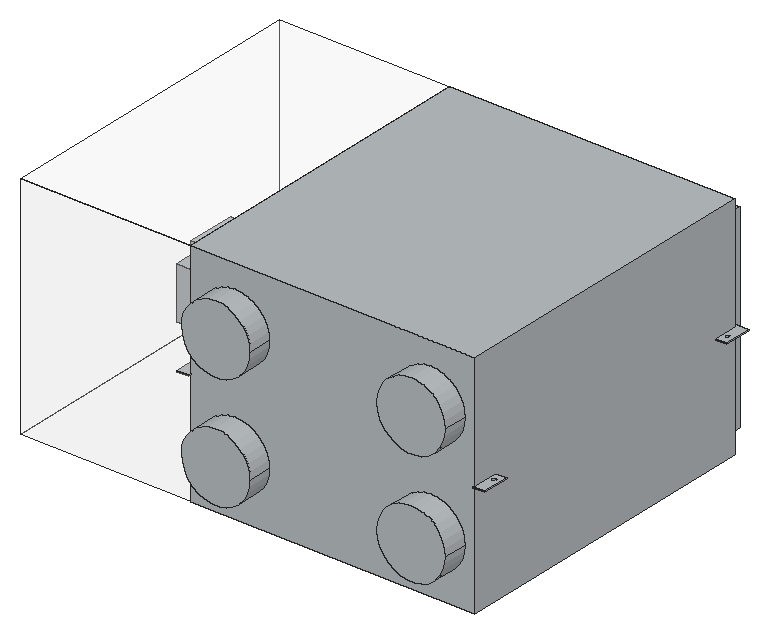
Revit family "lgh-rn150_200rxv2d_50Hz", category 機械設備, Revit 2019
Family settings
  丸型コネクタ寸法 = 直径を使用
  パーツ タイプ = 割り込み
  OmniClass 番号 = 23.75.10.34.21
  OmniClass タイトル = Heat Exchangers for Ventilation Air
  作業面ベース = いいえ
  常に垂直 = はい
  ロード時にボイドで切り取り = いいえ
  共有 = いいえ
  部屋計算ポイント = はい
Parameters (values of type "LGH-RN150RXV2D")
  騒音レベル(dB(A)) = 38.5
  風量 = MAX風量  # 1500.0 m³/h
  面風速 = 8.5 m/s
  電源種別 [instance] = "一般"
  電圧 = 200 V
  電動機出力 = 0 W
  集中コントローラ = ""
  運転質量 = 0.00 kg
  連動 [instance] = ""
  質量 = if(製品質量 > 運転質量, 製品質量, 運転質量) * 1.2  # 128.40 kg
  負荷分類 = 3_ファン類
  説明 = "業務用ロスナイ 天井埋込形 DCリプレースマイコン"
  設計風量 = 0.0 m³/h
  設置方法 = "天井吊(隠ぺい)形"
  記号 [instance] = ""
  製造元 = "三菱電機株式会社"
  製品質量 = 107.00 kg
  製品出荷対象 = "国内"
  製品リリース年月 = "2023/5/15"
  製品グループ = ""
  系統 [instance] = ""
  符号 [instance] = "HEU"
  積算_科目 = "1 空気調和設備"
  積算_拾い区分 [instance] = ""
  相 = 1
  盤記号 [instance] = ""
  発停方法 [instance] = ""
  特殊仕様 [instance] = ""
  点検口高さ = -Height / 2  # -404 mm
  点検口 = yes
  火災停止 [instance] = ""
  温度交換効率_特強 = 74.00%
  温度交換効率_強 = 74.00%
  温度交換効率_弱 = 76.50%
  消費電力 = 900 W
  法定耐用年数 = "15"
  機外静圧_排気 = 275.0 Pa
  機外静圧 = 275.0 Pa
  極数 = 3
  材質 [instance] = ""
  本体マテリアル = 溶融亜鉛めっき鋼板
  操作・制御方式 = ""
  操作・制御スイッチ = ""
  排気量 = 0.0 m³/h
  形式 = "天井埋込ダクト形"
  形名 = LGH-RN-4 : LGH-RN150-4
  幹線記号 [instance] = ""
  対象室 [instance] = ""
  始動方式 [instance] = "直入"
  外気量 = 設計風量  # 0.0 m³/h
  呼称 = "全熱交換ユニット"
  周波数 = 50 Hz
  吊りボルト-W = 1046 mm
  吊りボルト-D = 1030 mm
  参照している仕様書等のバージョン = ""
  初期抵抗 = 0.0 Pa
  分類コード = "50052504100070"
  分類グループ = ""
  価格 = 1248000
  企業コード = "108420"
  付属品_フィルター_還気 = ""
  付属品_フィルター = ""
  付属品 [instance] = ""
  仕様書バージョン = "Version1.0"
  モデル = "LGH-RN150RXV2D"
  ダクト高 = 700 mm
  ダクト径 = 250 mm
  ダクト幅 = 270 mm
  サービススペース = yes
  コメント [instance] = ""
  Keynote = ""
  エンタルピ交換効率_暖房_特強 = 76.00%
  エンタルピ交換効率_暖房_強 = 76.00%
  エンタルピ交換効率_暖房_弱 = 78.50%
  エンタルピ交換効率_冷房_特強 = 66.00%
  エンタルピ交換効率_冷房_強 = 66.00%
  エンタルピ交換効率_冷房_弱 = 68.50%
  Width = 1004 mm
  Version = ""
  Uniclass2015Version = "Systems v1.9"
  Uniclass2015Title = "Thermal wheels"
  Uniclass2015Code = "Pr_60_60_36_88"
  URL = "https://www.mitsubishielectric.co.jp/ldg/wink/qr/002/324436/"
  SpecificationReference = ""
  SpecificationDescription = ""
  SMAX風量 = 1500.0 m³/h
  SMAX静圧 = 275.0 Pa
  SAサイズ_D = 242 mm
  Revision = ""
  RAサイズ_D = 242 mm
  ProductInformation = ""
  OmniClassCode = "23-27 23 19 11"
  OAサイズ_W = 270 mm
  OAサイズ_D = 700 mm
  MIN風量 = 660.0 m³/h
  MIN静圧 = 47.0 Pa
  MID風量 = 1080.0 m³/h
  MID静圧 = 127.0 Pa
  MAX風量 = 1500.0 m³/h
  MAX静圧 = 245.0 Pa
  M2 = 49 mm
  M1 = 84 mm
  IfcTypeProduct = ""
  IfcProduct = ""
  IfcExportType = "ROTARYWHEEL"
  IfcExportAs = "IfcAirToAirHeatRecoveryType"
  Height = 808 mm
  EAサイズ_W = 270 mm
  EAサイズ_D = 700 mm
  Depth = 1144 mm
  Clearance Top = 0 mm  # constant formula
  Clearance Right = 0 mm  # constant formula
  Clearance Left = 600 mm  # constant formula
  Clearance Front = 0 mm  # constant formula
  Clearance Bottom = 0 mm  # constant formula
  Clearance Back = 0 mm  # constant formula
  Author = "三菱電機株式会社"
Types (2, lengths in mm): name | 騒音レベル(dB(A)) | 風量 | 面風速 | 質量 | 製品質量 | 温度交換効率_特強 | 温度交換効率_強 | 温度交換効率_弱 | 消費電力 | 機外静圧_排気 | 機外静圧 | 形名 | 吊りボルト-W | 価格 | モデル | エンタルピ交換効率_暖房_特強 | エンタルピ交換効率_暖房_強 | エンタルピ交換効率_暖房_弱 | エンタルピ交換効率_冷房_特強 | エンタルピ交換効率_冷房_強 | エンタルピ交換効率_冷房_弱 | Width | URL | SMAX風量 | SMAX静圧 | MIN風量 | MIN静圧 | MID風量 | MID静圧 | MAX風量 | MAX静圧
  LGH-RN150RXV2D | 38.5 | 1500.0 m³/h | 8.5 m/s | 128.40 kg | 107.00 kg | 74.00% | 74.00% | 76.50% | 900 W | 275.0 Pa | 275.0 Pa | LGH-RN-4 : LGH-RN150-4 | 1046 | 1248000 | "LGH-RN150RXV2D" | 76.00% | 76.00% | 78.50% | 66.00% | 66.00% | 68.50% | 1004 | "https://www.mitsubishielectric.co.jp/ldg/wink/qr/002/324436/" | 1500.0 m³/h | 275.0 Pa | 660.0 m³/h | 47.0 Pa | 1080.0 m³/h | 127.0 Pa | 1500.0 m³/h | 245.0 Pa
  LGH-RN200RXV2D | 41 | 2000.0 m³/h | 11.3 m/s | 140.40 kg | 117.00 kg | 73.00% | 73.00% | 75.00% | 1160 W | 225.0 Pa | 225.0 Pa | LGH-RN-4 : LGH-RN200-4 | 1273 | 1421000 | "LGH-RN200RXV2D" | 75.00% | 75.00% | 76.50% | 65.00% | 65.00% | 67.50% | 1231 | "https://www.mitsubishielectric.co.jp/ldg/wink/qr/002/324439/" | 2000.0 m³/h | 225.0 Pa | 880.0 m³/h | 32.0 Pa | 1440.0 m³/h | 86.0 Pa | 2000.0 m³/h | 165.0 Pa
Reference planes
  plane 1 "中心(正面/背面)": y = 0
  plane 2: z = 0
  plane 3 "中心(左/右)": x = 0
  plane 4 "4": x = 0
  plane 5 "3": x = 0
  plane 6 "左": x = -502
  plane 7 "右": x = 502
  plane 8 "背面": y = 572
  plane 9 "正面": y = -572
  plane 10: z = 404
  plane 11: y = 515
  plane 12: y = -515
  plane 13: x = 523
  plane 14: x = -523
  plane 15: z = -404
  plane 16: z = 404
  plane 17: z = -404
  plane 18: y = 572
  plane 19: x = 502
  plane 20: x = -1102
  plane 21: y = -572
  plane 22: y = 225
  plane 23: x = -652
  plane 24: y = -225
Dimensions and locks
  equal spacing: plane 6 "左", plane 5 "3", plane 7 "右"
  "Width": plane 6 "左" to plane 7 "右"
  equal spacing: plane 9 "正面", plane 1 "中心(正面/背面)", plane 8 "背面"
  "Depth": plane 9 "正面" to plane 8 "背面"
  equal spacing: plane 10, level, plane 15
  "Height": plane 10 to plane 15
  equal spacing: plane 14, plane 5 "3", plane 13
  "吊りボルト-W": plane 14 to plane 13
  equal spacing: plane 12, plane 1 "中心(正面/背面)", plane 11
  "吊りボルト-D": plane 12 to plane 11
  "Clearance Back": plane 8 "背面" to plane 18
  "Clearance Front": plane 21 to plane 9 "正面"
  "Clearance Right": plane 7 "右" to plane 19
  "Clearance Left": plane 20 to plane 6 "左"
  "Clearance Top": plane 16 to plane 10
  "Clearance Bottom": plane 15 to plane 17
  locked: plane 20 to plane 23 at 450
  equal spacing: plane 24, plane 1 "中心(正面/背面)", plane 22
  locked: plane 22 to plane 24 at 450
  aligned and locked: level to plane 2
  aligned and locked: nested 1 to plane 11
  aligned and locked: plane 12 to nested 1
  aligned and locked: plane 14 to nested 1
  aligned and locked: plane 13 to nested 1
  aligned and locked: plane 21 to nested 3
  aligned and locked: plane 20 to nested 3
  aligned and locked: plane 16 to nested 3
  aligned and locked: plane 17 to nested 3
  aligned and locked: plane 1 "中心(正面/背面)" to nested 2
  aligned and locked: nested 2 to plane 5 "3"
  aligned and locked: plane 18 to nested 3
  aligned and locked: plane 6 "左" to nested 3
  aligned and locked: plane 23 to nested 4
  aligned and locked: plane 20 to nested 4
  aligned and locked: nested 4 to plane 24
  aligned and locked: plane 22 to nested 4
Nested families
  nested 1: "固定点" at (-523, -515, 0), type "固定点"
    with W 1046 mm, D 1030 mm
  nested 2: "LGH-RN-4" at (0, 0, -404) x (0, -1, 0) z (0, 0, 1), type <- "形名", type "LGH-RN150-4"
  nested 3: "サービススペース" at (-802, 0, 0), visible <- "サービススペース", type "サービススペース"
    with Width 600 mm, Height 808 mm, Depth 1144 mm
  nested 4: "点検口設置範囲" at (-877, 0, -404), built-in parameter 1001364 <- "点検口高さ", visible <- "点検口", type "点検口設置範囲"
    with Width 450 mm, Depth 450 mm
Connectors
  hvac at (345, -656, 202), driven by "ダクト径", driven by "機外静圧", driven by "風量"
    settings: on nested 2, index 1, duct flow 1500.0 m³/h, flow factor 0, pres drop 275.0 Pa, loss coef 0, conn angle 0.00°, conn width 304.8 mm, conn height 304.8 mm, conn diameter 250 mm, duct sys type 2, conn prof type 0, flow config 0, flow direction 1, loss method 4, conn ref index -1, conn util no, is conn primary yes, conn desc ""
  hvac at (345, -656, -202), driven by "ダクト径", driven by "機外静圧", driven by "風量"
    settings: on nested 2, index 2, duct flow 1500.0 m³/h, flow factor 0, pres drop 275.0 Pa, loss coef 0, conn angle 0.00°, conn width 304.8 mm, conn height 304.8 mm, conn diameter 250 mm, duct sys type 2, conn prof type 0, flow config 0, flow direction 1, loss method 4, conn ref index -1, conn util no, is conn primary no, conn desc ""
  hvac at (-345, -656, 202), driven by "ダクト径", driven by "機外静圧", driven by "風量"
    settings: on nested 2, index 3, duct flow 1500.0 m³/h, flow factor 0, pres drop 275.0 Pa, loss coef 0, conn angle 0.00°, conn width 304.8 mm, conn height 304.8 mm, conn diameter 250 mm, duct sys type 1, conn prof type 0, flow config 0, flow direction 2, loss method 4, conn ref index -1, conn util no, is conn primary no, conn desc ""
  hvac at (-345, -656, -202), driven by "ダクト径", driven by "機外静圧", driven by "風量"
    settings: on nested 2, index 4, duct flow 1500.0 m³/h, flow factor 0, pres drop 275.0 Pa, loss coef 0, conn angle 0.00°, conn width 304.8 mm, conn height 304.8 mm, conn diameter 250 mm, duct sys type 1, conn prof type 0, flow config 0, flow direction 2, loss method 4, conn ref index -1, conn util no, is conn primary no, conn desc ""
  hvac at (345, 621, 0), driven by "機外静圧", driven by "排気量", driven by "ダクト高", driven by "ダクト幅"
    settings: on nested 2, index 5, duct flow 0.0 m³/h, flow factor 0, pres drop 275.0 Pa, loss coef 0, conn angle 0.00°, conn width 270 mm, conn height 700 mm, conn diameter 609.6 mm, duct sys type 3, conn prof type 1, flow config 0, flow direction 2, loss method 4, conn ref index -1, conn util no, is conn primary no, conn desc ""
  hvac at (-345, 621, 0), driven by "機外静圧", driven by "外気量", driven by "ダクト幅", driven by "ダクト高"
    settings: on nested 2, index 6, duct flow 0.0 m³/h, flow factor 0, pres drop 275.0 Pa, loss coef 0, conn angle 0.00°, conn width 270 mm, conn height 700 mm, conn diameter 609.6 mm, duct sys type 1, conn prof type 1, flow config 0, flow direction 1, loss method 4, conn ref index -1, conn util no, is conn primary no, conn desc ""
  electrical at (-559.5, -427, -18.5), driven by "極数", driven by "負荷分類", driven by "電圧", driven by "消費電力"
    settings: on nested 2, index 7, voltage 200 V, apparent load 900 VA, apparent load phase1 0 VA, apparent load phase2 0 VA, apparent load phase3 0 VA, power factor 1, load classification "3_ファン類", number of poles 3, system type 30, power factor state 1, is connector primary yes, connector utility no, sub classification motor no, connector description ""
Definition of nested family "LGH-RN-4"
  Parameters (values of type "LGH-RN150-4")
    吊りボルト-φ = 13 mm
    吊りボルト-W1 = 1030 mm
    吊りボルト-D1 = 1046 mm
    マテリアル = none
    ダクト間 = 690 mm
    ダクト-W = 270 mm
    ダクト-H = 700 mm
    コントロール手前位置 = 145 mm  # constant formula
    コントロール上位置 = 88 mm  # constant formula
    φ = 242 mm
    Φ = 258 mm
    吊りボルト-H = 0 mm
    M2 = 49 mm
    M1 = 84 mm
    W = 1144 mm
    H = 808 mm
    D = 1004 mm
    CO2センサー手前位置 = 176 mm  # constant formula
    CO2センサー上位置 = 201 mm  # constant formula
  Types (2, lengths in mm): name | 吊りボルト-D1 | ダクト間 | D
    LGH-RN200-4 | 1273 | 917 | 1231
    LGH-RN150-4 | 1046 | 690 | 1004
  Reference planes
    plane 1 "中心(正面/背面)": y = 0
    plane 2: z = 0
    plane 3 "中心(左/右)": x = 0
    plane 4: y = 502
    plane 5: y = 523
    plane 6: y = 543
    plane 7: y = -502
    plane 8: y = -523
    plane 9: y = -543
    plane 10: x = -572
    plane 11: x = 572
    plane 12: z = 404
    plane 13: x = -213
    plane 14: x = 656
    plane 15: x = -621
    plane 16: z = 202
    plane 17: y = 345
    plane 18: y = -345
    plane 19: x = -515
    plane 20: x = 515
    plane 21: x = 190.667
    plane 22: x = -190.667
    plane 23: y = -617
    plane 24: y = -692
    plane 25: x = 427
    plane 26: x = 381.333
    plane 27: x = 252
    plane 28: z = 336.667
    plane 29: z = 269.333
    plane 30: z = 134.667
    plane 31: z = 67.333
    plane 32: x = 396
    plane 33: x = 283
    plane 34: x = -581
    plane 35: x = 581
    plane 36: x = 485
    plane 37: x = -485
    plane 38: z = 404
    plane 39: z = 401
    plane 40: z = 606
    plane 41: z = 471.333
    plane 42: z = 538.667
    plane 43: z = 673.333
    plane 44: z = 740.667
    plane 45: z = 404
    plane 46: z = 808
    plane 47: y = 480
    plane 48: y = 210
    plane 49: y = -210
    plane 50: y = -480
    plane 51: z = 754
    plane 52: z = 54
    plane 53: z = 720
    plane 54: z = 607
    plane 55: z = 425
    plane 56: z = 51
  Forms (mm)
    Extrusion 1, solid, material <- "マテリアル", detail levels fine
      sketch origin (0, 0, 0) x (0, 1, 0) y (0, 0, -1)
        loop
          circle (-345, -202) r 121
        loop
          circle (345, -202) r 121
        loop
          circle (345, -606) r 121
        loop
          circle (-345, -606) r 121
      from -572 to -656
    Extrusion 2, solid, material <- "マテリアル", detail levels fine
      sketch origin (0, 0, 0) x (1, 0, 0) y (0, 1, 0)
        loop
          line (-581, 543) -> (-581, 502) -> (-485, 502) -> (-485, 543) -> (-581, 543)
        loop
          line (-581, -502) -> (-581, -543) -> (-485, -543) -> (-485, -502) -> (-581, -502)
        loop
          line (485, 543) -> (485, 502) -> (581, 502) -> (581, 543) -> (485, 543)
        loop
          line (485, -543) -> (581, -543) -> (581, -502) -> (485, -502) -> (485, -543)
        loop
          circle (-515, 523) r 6.5
        loop
          circle (515, 523) r 6.5
        loop
          circle (-515, -523) r 6.5
        loop
          circle (515, -523) r 6.5
      from 401 to 404
    Extrusion 3, solid, material <- "マテリアル", detail levels fine
      sketch origin (0, 0, 808) x (0, -1, 0) y (1, 0, 0)
        loop
          line (-502, -572) -> (502, -572) -> (502, 572) -> (-502, 572) -> (-502, -572)
      from 0 to -808
    Extrusion 4, solid, material <- "マテリアル", detail levels fine
      sketch origin (0, 0, 0) x (1, 0, 0) y (0, 0, 1)
        loop
          line (252, 720) -> (252, 51) -> (427, 51) -> (427, 720) -> (252, 720)
      from 502 to 617
    Extrusion 5, solid, material <- "マテリアル", detail levels fine
      sketch origin (0, 0, 0) x (1, 0, 0) y (0, 0, 1)
        loop
          line (283, 607) -> (283, 425) -> (396, 425) -> (396, 607) -> (283, 607)
      from 617 to 692
    Extrusion 6, solid, material <- "マテリアル", detail levels fine
      sketch origin (0, 0, 0) x (0, 1, 0) y (0, 0, 1)
        loop
          line (-210, 754) -> (-480, 754) -> (-480, 54) -> (-210, 54) -> (-210, 754)
        loop
          line (210, 754) -> (210, 54) -> (480, 54) -> (480, 754) -> (210, 754)
      from -621 to -572
  Dimensions and locks
    "W": plane 10 to plane 11
    "吊りボルト-D1": plane 8 to plane 5
    "D": plane 7 to plane 4
    equal spacing: plane 7, plane 1 "中心(正面/背面)", plane 4
    equal spacing: plane 10, plane 3 "中心(左/右)", plane 11
    "M2": plane 15 to plane 10
    "M1": plane 11 to plane 14
    equal spacing: plane 8, plane 1 "中心(正面/背面)", plane 5
    equal spacing: plane 18, plane 1 "中心(正面/背面)", plane 17
    "ダクト間": plane 18 to plane 17
    equal spacing: plane 19, plane 3 "中心(左/右)", plane 20
    "吊りボルト-W1": plane 19 to plane 20
    plane 15 to plane 14 = 1277 mm
    equal spacing: plane 10, plane 22, plane 21, plane 11
    plane 11 to plane 21 to plane 22 to plane 10 = 381.333 mm, 381.333 mm, 381.333 mm
    locked: plane 23 to plane 7 at 115
    locked: plane 24 to plane 7 at 190
    equal spacing: plane 12, plane 28, plane 29, plane 16, plane 30, plane 31, level
    locked: plane 5 to plane 6 at 20
    locked: plane 9 to plane 8 at 20
    locked: plane 38 to plane 39 at 3
    "吊りボルト-H": plane 12 to plane 38
    locked: plane 19 to plane 37 at 30
    locked: plane 36 to plane 20 at 30
    locked: plane 34 to plane 10 at 9
    locked: plane 11 to plane 35 at 9
    "H": plane 46 to level
    equal spacing: plane 46, plane 44, plane 43, plane 40, plane 42, plane 41, plane 12
    "吊りボルト-H": plane 45 to plane 12
    equal spacing: plane 48, plane 17, plane 47
    "ダクト-W": plane 48 to plane 47
    equal spacing: plane 50, plane 18, plane 49
    "ダクト-W": plane 50 to plane 49
    equal spacing: plane 51, plane 45, plane 52
    "ダクト-H": plane 51 to plane 52
    locked: plane 33 to plane 32 at 113
    locked: plane 27 to plane 25 at 175
    "CO2センサー手前位置": plane 32 to plane 11
    "コントロール手前位置": plane 25 to plane 11
    locked: plane 53 to plane 56 at 669
    "コントロール上位置": plane 46 to plane 53
    "CO2センサー上位置": plane 46 to plane 54
    locked: plane 54 to plane 55 at 182
    "φ": diameter of Extrusion 1 sketch curve  (x4)
    "吊りボルト-φ": diameter of Extrusion 2 sketch curve  (x4)
    aligned and locked: level to plane 2
    aligned and locked: plane 14 to Extrusion 1
    aligned and locked: plane 18 to Extrusion 1 sketch curve  (x2)
    aligned and locked: plane 16 to Extrusion 1 sketch curve  (x2)
    aligned and locked: plane 17 to Extrusion 1 sketch curve  (x2)
    aligned and locked: plane 6 to Extrusion 2 sketch curve  (x2)
    aligned and locked: plane 34 to Extrusion 2 sketch curve  (x2)
    aligned and locked: Extrusion 2 sketch curve to plane 4  (x2)
    aligned and locked: Extrusion 2 sketch curve to plane 37  (x2)
    aligned and locked: plane 7 to Extrusion 2 sketch curve
    aligned and locked: Extrusion 2 sketch curve to plane 9
    aligned and locked: Extrusion 2 sketch curve to plane 35
    aligned and locked: plane 9 to Extrusion 2 sketch curve
    aligned and locked: Extrusion 2 sketch curve to plane 7
    aligned and locked: plane 35 to Extrusion 2 sketch curve
    aligned and locked: plane 8 to Extrusion 2 sketch curve  (x2)
    aligned and locked: plane 5 to Extrusion 2 sketch curve  (x2)
    aligned and locked: plane 19 to Extrusion 2 sketch curve  (x2)
    aligned and locked: plane 20 to Extrusion 2 sketch curve  (x2)
    aligned and locked: Extrusion 2 to plane 39
    aligned and locked: plane 38 to Extrusion 2
    aligned and locked: Extrusion 2 sketch curve to plane 36  (x2)
    aligned and locked: Extrusion 3 to plane 46
    aligned and locked: plane 27 to Extrusion 4 sketch curve
    aligned and locked: plane 7 to Extrusion 4
    aligned and locked: plane 23 to Extrusion 4
    aligned and locked: plane 33 to Extrusion 5 sketch curve
    aligned and locked: Extrusion 5 sketch curve to plane 32
    aligned and locked: plane 23 to Extrusion 5
    aligned and locked: plane 24 to Extrusion 5
    aligned and locked: plane 40 to Extrusion 1 sketch curve  (x2)
    aligned and locked: plane 51 to Extrusion 6 sketch curve
    aligned and locked: Extrusion 6 sketch curve to plane 51
    aligned and locked: Extrusion 6 sketch curve to plane 52  (x2)
    aligned and locked: Extrusion 6 sketch curve to plane 47
    aligned and locked: Extrusion 6 sketch curve to plane 48
    aligned and locked: Extrusion 6 sketch curve to plane 49
    aligned and locked: Extrusion 6 sketch curve to plane 50
    aligned and locked: Extrusion 6 to plane 15
    aligned and locked: plane 10 to Extrusion 6
    aligned and locked: plane 55 to Extrusion 5 sketch curve
    aligned and locked: Extrusion 5 sketch curve to plane 54
    aligned and locked: Extrusion 4 sketch curve to plane 53
    aligned and locked: Extrusion 3 to level
    aligned and locked: Extrusion 4 to plane 56
    aligned and locked: Extrusion 1 to plane 11
  Automatic sketch dimensions
    plane 4 to Extrusion 3 sketch curve = 0 mm
    plane 7 to Extrusion 3 sketch curve = 0 mm
    Extrusion 3 sketch curve to plane 10 = 0 mm
    Extrusion 3 sketch curve to plane 11 = 0 mm
    Extrusion 4 sketch curve to plane 12 = 353 mm
    Extrusion 4 sketch curve to plane 25 = 0 mm
Definition of nested family "サービススペース"
  Parameters (values of type "サービススペース")
    Width [instance] = 500 mm
    Height [instance] = 500 mm
    Depth [instance] = 500 mm
  Reference planes
    plane 1 "中心(正面/背面)": y = 0
    plane 2: z = 0
    plane 3 "中心(左/右)": x = 0
    plane 4: y = -250
    plane 5: x = 250
    plane 6: y = 250
    plane 7: x = -250
    plane 8: z = 250
    plane 9: z = -250
  Forms (mm)
    Extrusion 1, solid
      sketch origin (-638.939, 0, 72.39) x (1, 0, 0) y (0, 1, 0)
        loop
          line (388.939, 250) -> (388.939, -250) -> (888.939, -250) -> (888.939, 250) -> (388.939, 250)
      from -322.39 to 177.61
  Lines and regions (mm)
    symbolic lines
      curve 1: line (-250, 0, 250) -> (250, 0, 250)
      curve 2: line (-250, 0, -250) -> (-250, 0, 250)
      curve 3: line (250, 0, -250) -> (-250, 0, -250)
      curve 4: line (250, 0, 250) -> (250, 0, -250)
      curve 5: line (0, -250, 250) -> (0, 250, 250)
      curve 6: line (0, -250, -250) -> (0, -250, 250)
      curve 7: line (0, 250, -250) -> (0, -250, -250)
      curve 8: line (0, 250, 250) -> (0, 250, -250)
      curve 9: line (-250, 250, 0) -> (250, 250, 0)
      curve 10: line (-250, -250, 0) -> (-250, 250, 0)
      curve 11: line (250, -250, 0) -> (-250, -250, 0)
      curve 12: line (250, 250, 0) -> (250, -250, 0)
  Dimensions and locks
    equal spacing: plane 7, plane 3 "中心(左/右)", plane 5
    equal spacing: plane 4, plane 1 "中心(正面/背面)", plane 6
    "Depth": plane 4 to plane 6
    "Width": plane 7 to plane 5
    equal spacing: plane 8, plane 2, plane 9
    "Height": plane 8 to plane 9
    aligned and locked: plane 9 to curve 3
    aligned and locked: plane 7 to curve 2
    aligned and locked: curve 4 to plane 5
    aligned and locked: plane 5 to Extrusion 1
    aligned and locked: Extrusion 1 to plane 7
    aligned and locked: Extrusion 1 to plane 9
    aligned and locked: plane 8 to Extrusion 1
    aligned and locked: plane 9 to curve 7
  Automatic sketch dimensions
    plane 4 to Extrusion 1 sketch curve = 0 mm
    Extrusion 1 sketch curve to plane 7 = 0 mm
    Extrusion 1 sketch curve to plane 5 = 0 mm
    plane 6 to Extrusion 1 sketch curve = 0 mm
    curve 2 to plane 8 = 0 mm
    plane 4 to curve 11 = 0 mm
    curve 11 to plane 7 = 0 mm
    curve 11 to plane 5 = 0 mm
    plane 6 to curve 10 = 0 mm
    curve 7 to plane 4 = 0 mm
    curve 7 to plane 6 = 0 mm
    curve 6 to plane 8 = 0 mm
Definition of nested family "固定点"
  Parameters (values of type "固定点")
    中心円 = 11 mm
    W [instance] = 1000 mm
    D [instance] = 1000 mm
  Reference planes
    plane 1 "中心(正面/背面)": y = 0
    plane 2: z = 0
    plane 3 "中心(左/右)": x = 0
    plane 4: x = 1000
    plane 5: y = 1000
  Lines and regions (mm)
    symbolic lines, detail levels fine
      curve 1: circle (0, 1000, 0) r 5.5 normal (0, 0, 1)
      curve 2: circle (0, 0, 0) r 5.5 normal (0, 0, 1)
      curve 3: circle (1000, 1000, 0) r 5.5 normal (0, 0, 1)
      curve 4: circle (1000, 0, 0) r 5.5 normal (0, 0, 1)
      curve 5: line (-200, 1000, 0) -> (1200, 1000, 0)
      curve 6: line (-200, 0, 0) -> (1200, 0, 0)
      curve 7: line (0, 1200, 0) -> (0, -200, 0)
      curve 8: line (1000, 1200, 0) -> (1000, -200, 0)
  Dimensions and locks
    "W": plane 3 "中心(左/右)" to plane 4
    "D": plane 1 "中心(正面/背面)" to plane 5
    "中心円": diameter of curve 1
    "中心円": diameter of curve 2
    "中心円": diameter of curve 3
    "中心円": diameter of curve 4
    aligned and locked: level to plane 2
    aligned and locked: plane 5 to curve 1
    aligned and locked: plane 3 "中心(左/右)" to curve 1
    aligned and locked: plane 3 "中心(左/右)" to curve 2
    aligned and locked: plane 1 "中心(正面/背面)" to curve 2
    aligned and locked: plane 4 to curve 3
    aligned and locked: plane 5 to curve 3
    aligned and locked: plane 1 "中心(正面/背面)" to curve 4
    aligned and locked: plane 4 to curve 4
    aligned and locked: plane 1 "中心(正面/背面)" to curve 6
    aligned and locked: curve 7 to plane 3 "中心(左/右)"
    aligned and locked: curve 8 to plane 4
  Automatic sketch dimensions
    curve 5 to plane 5 = 0 mm
    curve 6 to plane 3 "中心(左/右)" = 200 mm
    curve 5 to plane 3 "中心(左/右)" = 200 mm
    curve 4 to curve 6 = 200 mm
    curve 3 to curve 5 = 200 mm
    plane 1 "中心(正面/背面)" to curve 8 = 200 mm
    plane 1 "中心(正面/背面)" to curve 7 = 200 mm
    curve 3 to curve 8 = 200 mm
    curve 1 to curve 7 = 200 mm
Definition of nested family "点検口設置範囲"
  Parameters (values of type "点検口設置範囲")
    Width [instance] = 1000 mm
    Depth [instance] = 700 mm
  Reference planes
    plane 1 "中心(正面/背面)": y = 0
    plane 2: z = 0
    plane 3 "中心(左/右)": x = 0
    plane 4: x = -500
    plane 5: x = 500
    plane 6: y = -350
    plane 7: y = 350
  Lines and regions (mm)
    model lines
      curve 1: line (-500, 350, 0) -> (500, 350, 0)
      curve 2: line (-500, -350, 0) -> (-500, 350, 0)
      curve 3: line (500, -350, 0) -> (-500, -350, 0)
      curve 4: line (500, 350, 0) -> (500, -350, 0)
  Dimensions and locks
    "Depth": plane 7 to plane 6
    "Width": plane 4 to plane 5
    equal spacing: plane 7, plane 1 "中心(正面/背面)", plane 6
    equal spacing: plane 4, plane 3 "中心(左/右)", plane 5
    aligned and locked: level to plane 2
    aligned and locked: plane 4 to curve 2
    aligned and locked: curve 1 to plane 7
    aligned and locked: curve 4 to plane 5
    aligned and locked: plane 6 to curve 3
